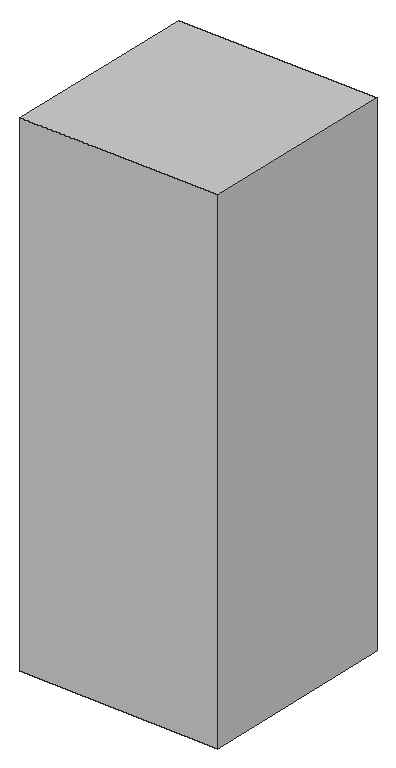
Revit family "Structural-Column_Rectangular_NA", category Structural Columns, Revit 2020
Family settings
  Display in Hidden Views = Edges Hidden by Other Members
  Section Shape = Not Defined
  Material for Model Behavior = Concrete
  Always export as geometry = No
  Beam cutback in plan = From bounding box
  OmniClass Number = 23.25.30.11.14.11
  OmniClass Title = Columns
  Cut with Voids When Loaded = No
  Symbolic Representation = From Family
  Shared = No
  Show family pre-cut in plan views = Yes
Parameters (values of type "HSC_XXXXxXXXX_RC-50Mpa")
  b = 1000 mm
  h = 1000 mm
  Structural Material [instance] = Concrete, Cast-in-Place gray
Types (50, lengths in mm): name | b | h
  300 x 450mm | 300 | 450
  HSC_750x450_RC-50Mpa | 450 | 750
  HSC_1200x1000_RC-50Mpa | 1000 | 1200
  HSC_1200x450_RC-50Mpa | 450 | 1200
  HSC_1000x600_RC-50Mpa | 600 | 1000
  HSC_1200x600_RC-50Mpa | 600 | 1200
  HSC_1000x450_RC-50Mpa | 450 | 1000
  HSC_1400x800_RC-50Mpa | 800 | 1400
  HSC_1400x760_RC-50Mpa | 760 | 1400
  HSC_600x710_RC-50Mpa | 710 | 600
  HSC_750x740_RC-50Mpa | 740 | 750
  HSC_1000x750_RC-50Mpa | 750 | 1000
  HSC_1200x500_RC-50Mpa | 500 | 1200
  HSC_500x450_RC-50Mpa | 450 | 500
  HSC_1000x800_RC-50Mpa | 800 | 1000
  HSC_1200x750_RC-50Mpa | 750 | 1200
  HSC_750x670_RC-50Mpa | 670 | 750
  HSC_1200x700_RC-50Mpa | 700 | 1200
  HSC_1400x450_RC-50Mpa | 450 | 1400
  HSC_1000x500_RC-50Mpa | 500 | 1000
  HSC_1400x600_RC-50Mpa | 600 | 1400
  HSC_800x500_RC-50Mpa | 500 | 800
  HSC_1500x750_RC-50Mpa | 750 | 1500
  HSC_800x450_RC-50Mpa | 450 | 800
  HSC_1500x450_RC-50Mpa | 450 | 1500
  HSC_1000x700_RC-50Mpa | 700 | 1000
  HSC_1000x1000_RC-50Mpa | 1000 | 1000
  HSC_800x800_RC-50Mpa | 800 | 800
  HSC_1400x1000_RC-50Mpa | 1000 | 1400
  HSC_1500x600_RC-50Mpa | 600 | 1500
  HSC_750x750_RC-50Mpa | 750 | 750
  HSC_2000x800_RC-50Mpa | 800 | 2000
  HSC_800x750_RC-50Mpa | 750 | 800
  HSC_1200x800_RC-50Mpa | 800 | 1200
  HSC_600x450_RC-50Mpa | 450 | 600
  HSC_800x400_RC-50Mpa | 400 | 800
  HSC_600x810_RC-50Mpa | 810 | 600
  HSC_600x790_RC-50Mpa | 790 | 600
  HSC_750x690_RC-50Mpa | 690 | 750
  HSC_600x500_RC-50Mpa | 500 | 600
  HSC_750x600_RC-50Mpa | 600 | 750
  HSC_750x810_RC-50Mpa | 810 | 750
  HSC_1950x450_RC-50Mpa | 450 | 1950
  HSC_800x600_RC-50Mpa | 600 | 800
  HSC_1000x400_RC-50Mpa | 400 | 1000
  HSC_800x700_RC-50Mpa | 700 | 800
  HSC_750x500_RC-50Mpa | 500 | 750
  HSC_450x450_RC-50Mpa | 450 | 450
  HSC_750x730_RC-50Mpa | 730 | 750
  HSC_XXXXxXXXX_RC-50Mpa | 1000 | 1000
Reference planes
  plane 1 "Center (Front/Back)": y = 0
  plane 2: z = 0
  plane 3 "Center (Left/Right)": x = 0
  plane 4: x = -500
  plane 5: x = 500
  plane 6: y = 500
  plane 7: y = -500
Forms (mm)
  Extrusion 1, solid, material "Concrete, Cast-in-Place gray" <- "Structural Material"
    sketch origin (0, 0, 0) x (1, 0, 0) y (0, 1, 0)
      loop
        line (-500, 500) -> (-500, -500) -> (500, -500) -> (500, 500) -> (-500, 500)
    from 0 to 2500
Dimensions and locks
  equal spacing: plane 4, plane 3 "Center (Left/Right)", plane 5
  equal spacing: plane 7, plane 1 "Center (Front/Back)", plane 6
  "h": plane 7 to plane 6
  "b": plane 4 to plane 5
  aligned and locked: Extrusion 1 sketch curve to plane 6
  aligned and locked: Extrusion 1 sketch curve to plane 7
  aligned and locked: Extrusion 1 sketch curve to plane 4
  aligned and locked: Extrusion 1 sketch curve to plane 5
  aligned and locked: level to Extrusion 1
  aligned and locked: level to plane 2
  aligned and locked: Extrusion 1 to plane 2
